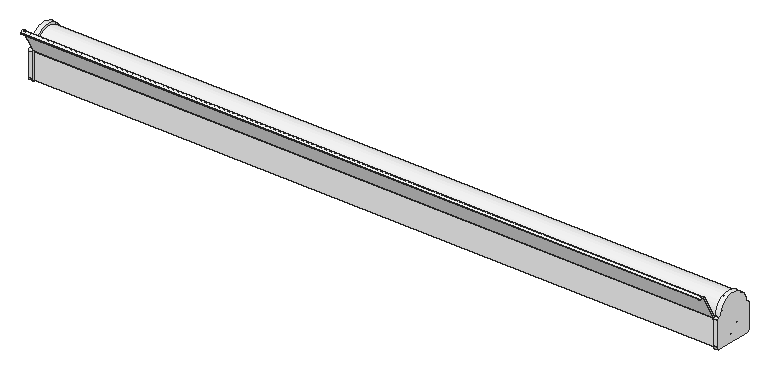
Revit family "0045184+0045234 Feilo Sylvania Lighting Fixture SYLBATTEN LED3 6000K TP3 with ASYMMETRIC REFLECTOR ACCESSORY 1200MM", category Lighting Fixtures, host Face, Revit 2017
Family settings
  Host = Face
  Round Connector Dimension = Use Diameter
  Part Type = Normal
  OmniClass Number = 23.80.70.00
  OmniClass Title = Lighting
  Cut with Voids When Loaded = No
  Light Source = Yes
  Shared = No
  Room Calculation Point = No
Parameters (values of type "0045184 SYLBATTEN LED3 6000K TP3")
  Width_FEILO = 66 mm
  Weight = "2.55 kg"
  Wattage Comments = "n/a"
  Wattage = 26 W
  WarrantyStartDate [instance] = "n/a"
  WarrantyGuarantorParts = "n/a"
  WarrantyDurationUnit = "n/a"
  WarrantyDurationParts = "n/a"
  WarrantyDescription = "n/a"
  built-in parameter 1150110 = 1 (stored number, unit not read)
  Voltage = 230 V
  URL = "http://www.sylvania-lighting.com"
  TypeName = "SYLBATTEN LED3 6000K TP3"
  Type Image = <None>
  Type Comments = "n/a"
  built-in parameter 1114217 = 1 (stored number, unit not read)
  Tilt Angle = -90.00°
  built-in parameter 1150109 = 1 (stored number, unit not read)
  built-in parameter 1150134 = 5
  SymReflector_FEILO = no
  built-in parameter 1150113 = 1 (stored number, unit not read)
  SerialNumber [instance] = "n/a"
  PowerFactor = 0
  PowerConsumption = "26 W"
  Photometric Web File = "0045184+0045234.ies"
  NominalLength = 1205 mm
  NominalHeight = 91 mm
  NominalDepth = 122 mm
  Name = "SYLBATTEN LED3 6000K TP3"
  ModelReference = Name  # "SYLBATTEN LED3 6000K TP3"
  ModelNumber = "0045184"
  Model = Name  # "SYLBATTEN LED3 6000K TP3"
  Material_4_FEILO = Reflector-Sylvania-Sylbatten-White
  Material_3_FEILO = Diffuser-Sylvania-Sylbatten-Glow
  Material_2_FEILO = Body-Sylvania-Sylbatten-White
  Material_1_FEILO = Body-Sylvania-Sylbatten-White
  Material = "sheet steel housing, polycarbonate diffuser"
  ManufacturerName = "Feilo Sylvania"
  Manufacturer = "Feilo Sylvania"
  LuminousEfficacy = "113 lm/W"
  built-in parameter 1150105 = 233.8 (stored number, unit not read)
  Lumens = 2938 lm
  LuminaireType = ""
  built-in parameter 1150115 = 1 (stored number, unit not read)
  LightOutputRatio = "100"
  built-in parameter 1150137 = (empty or 0)
  built-in parameter 1150139 = (empty or 0)
  Length_FEILO = 1205 mm
  LampsType = Lamp  # "LED"
  LampNominalLuminous = "2938 lm"
  LampMacAdamStep = "n/a"
  LampColourTemperature = "6000 K"
  LampColourRenderingIndex = "80"
  built-in parameter 1150112 = 1 (stored number, unit not read)
  built-in parameter 1150114 = 1 (stored number, unit not read)
  Lamp = "LED"
  Keynote = "16500"
  InstallationDate [instance] = "n/a"
  InputVoltage = "220-240V~"
  InputNominalFrequency = "n/a"
  built-in parameter 1150132 = (empty or 0)
  built-in parameter 1150102 = (empty or 0)
  built-in parameter 1150107 = 6000 (stored number, unit not read)
  built-in parameter 1150138 = (empty or 0)
  IngressProtection = "IP20"
  ImpactProtectionIndex = "IK07"
  built-in parameter 1150106 = 2.338 (stored number, unit not read)
  IfcExportType = "IfcLightFixtureType"
  IfcExportAs = "IfcLightFixtureType"
  Height_FEILO = 76 mm
  ExpectedLife = 50000
  Emit from Rectangle Width = Length_FEILO - 16 mm  # 1189 mm
  Emit from Rectangle Length = Width_FEILO - 40 mm  # 26 mm
  Emit Shape Visible in Rendering = no
  ElectricShockClassification = "Class I"
  built-in parameter 1150104 = 10.498 (stored number, unit not read)
  DurationUnit = "hours"
  DocumentationLiterature = "http://www.sylvania-lighting.com/product/en-int/products/0045184"
  DimmingControlOptions = "n/a"
  Dimming Lamp Color Temperature Shift = <None>
  Description = "LED batten, T8 replacement, ease of installation through 2 part push-in design of the housing (safety cable included), through wiring capability (TP3 = 3 core), sheet steel, 2938LM, 26W, 113lm/W, 6000K, drive current: 350mA, CRI 80, 138° wide beam angle, electronic driver (non dimmable), IP20, IK07, 50,000 hrs (L70), (LxWxH) 1205x66x76mm, 5 step MacAdam ellipse, 3kg, white RAL 9016, Class 1, 220-240V, energy class: A++, A+, A."
  Default Elevation = 1219.2 mm
  CreatedOn = "1/25/2018"
  CreatedBy = ""
  Cost = 0
  Color Filter = 16777215
  built-in parameter 1114216 [instance] = (empty or 0)
  ClassificationValue = "EF_70_80"
  ClassificationName = "Uniclass2015"
  CapOffset_FEILO = 2 mm
  BarCode [instance] = "n/a"
  built-in parameter 1114218 = 1 (stored number, unit not read)
  BackReflector_FEILO = and(not(AsymReflector_FEILO), SymReflector_FEILO)  # no
  built-in parameter 1150133 = 10 (stored number, unit not read)
  FrontReflector_FEILO = or(AsymReflector_FEILO, SymReflector_FEILO)  # yes
  AsymReflector_FEILO = yes
  AssetType = "Fixed"
  AssetIdentifier [instance] = "n/a"
  Assembly Code = "D5020200"
  Apparent Load = 26 VA
Reference planes
  plane 1 "Center (Front/Back)": y = 0
  plane 2: z = 0
  plane 3 "Center (Left/Right)": x = 0
  plane 4: x = 602.5
  plane 5: x = -602.5
  plane 6: y = 33
  plane 7: y = -33
  plane 8: z = 76
  plane 9: z = 47
  plane 10: y = -29
  plane 11: y = 29
  plane 12: z = 20
  plane 13: z = 74
  plane 14: y = -31
  plane 15: y = -27
  plane 16: y = 27
  plane 17: y = 31
  plane 18: z = 2
  plane 19: x = -594.5
  plane 20: x = 594.5
  plane 21: z = 49
  plane 22: y = 1
  plane 23: y = -1
  plane 24: z = 21
  plane 25: z = 19
  plane 26: y = -61
  plane 27: y = 61
  plane 28: y = -56
  plane 29: y = 56
  plane 30: z = 91
  plane 31: z = 88
Forms (mm)
  Extrusion 1, solid, material "Body-Sylvania-Sylbatten-White" <- "Material_2_FEILO"
    sketch origin (0, 0, 0) x (0, 1, 0) y (0, 0, 1)
      loop
        line (-31, 2) -> (31, 2) -> (31, 45)
        arc (31, 45) -> (30.414, 46.414) -> (29, 47) r 2
        line (29, 47) -> (27, 47)
        arc (27, 47) -> (0, 74) -> (-27, 47) r 27
        line (-27, 47) -> (-29, 47)
        arc (-29, 47) -> (-30.414, 46.414) -> (-31, 45) r 2
        line (-31, 45) -> (-31, 2)
    from -594.5 to 594.5
  Extrusion 2, solid, material "Body-Sylvania-Sylbatten-White" <- "Material_2_FEILO"
    sketch origin (602.5, 1524, 1219.2) x (0, 1, 0) y (0, 0, 1)
      loop
        arc (-1494, -1219.2) -> (-1491.879, -1218.321) -> (-1491, -1216.2) r 3
        line (-1491, -1216.2) -> (-1491, -1173.2)
        arc (-1491, -1173.2) -> (-1491.879, -1171.079) -> (-1494, -1170.2) r 3
        line (-1494, -1170.2) -> (-1495.069, -1170.2)
        arc (-1495.069, -1170.2) -> (-1524, -1143.2) -> (-1552.931, -1170.2) r 29
        line (-1552.931, -1170.2) -> (-1554, -1170.2)
        arc (-1554, -1170.2) -> (-1556.121, -1171.079) -> (-1557, -1173.2) r 3
        line (-1557, -1173.2) -> (-1557, -1216.2)
        arc (-1557, -1216.2) -> (-1556.121, -1218.321) -> (-1554, -1219.2) r 3
        line (-1554, -1219.2) -> (-1494, -1219.2)
      loop
        arc (-1525, -1189.25) -> (-1531.071, -1192.129) -> (-1533.95, -1198.2) r 10
        line (-1533.95, -1198.2) -> (-1532.944, -1198.2)
        arc (-1532.944, -1198.2) -> (-1530.364, -1192.836) -> (-1525, -1190.256) r 9
        line (-1525, -1190.256) -> (-1525, -1189.25)
      loop
        arc (-1523, -1190.256) -> (-1517.636, -1192.836) -> (-1515.056, -1198.2) r 9
        line (-1515.056, -1198.2) -> (-1514.05, -1198.2)
        arc (-1514.05, -1198.2) -> (-1516.929, -1192.129) -> (-1523, -1189.25) r 10
        line (-1523, -1189.25) -> (-1523, -1190.256)
      loop
        line (-1532.944, -1200.2) -> (-1533.95, -1200.2)
        arc (-1533.95, -1200.2) -> (-1531.071, -1206.271) -> (-1525, -1209.15) r 10
        line (-1525, -1209.15) -> (-1525, -1208.144)
        arc (-1525, -1208.144) -> (-1530.364, -1205.564) -> (-1532.944, -1200.2) r 9
      loop
        arc (-1515.056, -1200.2) -> (-1517.636, -1205.564) -> (-1523, -1208.144) r 9
        line (-1523, -1208.144) -> (-1523, -1209.15)
        arc (-1523, -1209.15) -> (-1516.929, -1206.271) -> (-1514.05, -1200.2) r 10
        line (-1514.05, -1200.2) -> (-1515.056, -1200.2)
    from 0 to -8
  Extrusion 3, solid, material "Body-Sylvania-Sylbatten-White" <- "Material_2_FEILO"
    sketch origin (-602.5, 1524, 1219.2) x (0, 1, 0) y (0, 0, 1)
      loop
        arc (-1495.069, -1170.2) -> (-1524, -1143.2) -> (-1552.931, -1170.2) r 29
        line (-1552.931, -1170.2) -> (-1554, -1170.2)
        arc (-1554, -1170.2) -> (-1556.121, -1171.079) -> (-1557, -1173.2) r 3
        line (-1557, -1173.2) -> (-1557, -1216.2)
        arc (-1557, -1216.2) -> (-1556.121, -1218.321) -> (-1554, -1219.2) r 3
        line (-1554, -1219.2) -> (-1494, -1219.2)
        arc (-1494, -1219.2) -> (-1491.879, -1218.321) -> (-1491, -1216.2) r 3
        line (-1491, -1216.2) -> (-1491, -1173.2)
        arc (-1491, -1173.2) -> (-1491.879, -1171.079) -> (-1494, -1170.2) r 3
        line (-1494, -1170.2) -> (-1495.069, -1170.2)
      loop
        line (-1533.95, -1198.2) -> (-1532.944, -1198.2)
        arc (-1532.944, -1198.2) -> (-1530.364, -1192.836) -> (-1525, -1190.256) r 9
        line (-1525, -1190.256) -> (-1525, -1189.25)
        arc (-1525, -1189.25) -> (-1531.071, -1192.129) -> (-1533.95, -1198.2) r 10
      loop
        line (-1523, -1189.25) -> (-1523, -1190.256)
        arc (-1523, -1190.256) -> (-1517.636, -1192.836) -> (-1515.056, -1198.2) r 9
        line (-1515.056, -1198.2) -> (-1514.05, -1198.2)
        arc (-1514.05, -1198.2) -> (-1516.929, -1192.129) -> (-1523, -1189.25) r 10
      loop
        line (-1514.05, -1200.2) -> (-1515.056, -1200.2)
        arc (-1515.056, -1200.2) -> (-1517.636, -1205.564) -> (-1523, -1208.144) r 9
        line (-1523, -1208.144) -> (-1523, -1209.15)
        arc (-1523, -1209.15) -> (-1516.929, -1206.271) -> (-1514.05, -1200.2) r 10
      loop
        line (-1525, -1209.15) -> (-1525, -1208.144)
        arc (-1525, -1208.144) -> (-1530.364, -1205.564) -> (-1532.944, -1200.2) r 9
        line (-1532.944, -1200.2) -> (-1533.95, -1200.2)
        arc (-1533.95, -1200.2) -> (-1531.071, -1206.271) -> (-1525, -1209.15) r 10
    from 0 to 8
  Extrusion 4, solid, material "Reflector-Sylvania-Sylbatten-White" <- "Material_4_FEILO", visible <- "FrontReflector_FEILO"
    sketch origin (0, 0, 0) x (0, 1, 0) y (0, 0, 1)
      loop
        line (-61.257, 88.429) -> (-60.743, 87.571) -> (-56.621, 90.044)
        arc (-56.621, 90.044) -> (-56.237, 90.099) -> (-55.929, 89.863) r 0.5
        line (-55.929, 89.863) -> (-31.435, 46.753) -> (-30.565, 47.247) -> (-55.312, 90.802)
        arc (-55.312, 90.802) -> (-55.928, 91.275) -> (-56.696, 91.165) r 1
        line (-56.696, 91.165) -> (-61.257, 88.429)
    from -594.5 to 594.5
  Extrusion 5, solid, material "Reflector-Sylvania-Sylbatten-White" <- "Material_4_FEILO", visible <- "BackReflector_FEILO"
    sketch origin (0, 0, 0) x (0, 1, 0) y (0, 0, 1)
      loop
        line (30.565, 47.247) -> (31.435, 46.753) -> (55.932, 89.868)
        arc (55.932, 89.868) -> (56.245, 90.112) -> (56.638, 90.062) r 0.518
        line (56.638, 90.062) -> (61.033, 87.565) -> (61.527, 88.435) -> (56.682, 91.188)
        arc (56.682, 91.188) -> (55.922, 91.282) -> (55.318, 90.812) r 1
        line (55.318, 90.812) -> (30.565, 47.247)
    from -594.5 to 594.5
Lines and regions (mm)
  reference lines
    curve 1: line (0, -61, 88) -> (0, -56, 91)
    curve 2: line (0, -56, 91) -> (0, -31, 47)
    curve 3: line (0, 31, 47) -> (0, 56, 91)
    curve 4: line (0, 56, 91) -> (0, 61.28, 88)
Dimensions and locks
  equal spacing: plane 5, plane 3 "Center (Left/Right)", plane 4
  equal spacing: plane 7, plane 1 "Center (Front/Back)", plane 6
  "Width_FEILO": plane 7 to plane 6
  "Length_FEILO": plane 5 to plane 4
  "Height_FEILO": plane 8 to plane 2
  locked: plane 9 to plane 8 at 29
  equal spacing: plane 10, plane 1 "Center (Front/Back)", plane 11
  locked: plane 7 to plane 10 at 4
  locked: plane 12 to plane 2 at 20
  "CapOffset_FEILO": plane 13 to plane 8
  "CapOffset_FEILO": plane 7 to plane 14
  "CapOffset_FEILO": plane 10 to plane 15
  "CapOffset_FEILO": plane 17 to plane 6
  "CapOffset_FEILO": plane 16 to plane 11
  "CapOffset_FEILO": plane 18 to plane 2
  locked: plane 14 to Extrusion 1 sketch curve at 2
  locked: Extrusion 1 sketch curve to plane 9 at 2  (x2)
  locked: plane 16 to Extrusion 1 sketch curve at 2
  equal spacing: plane 19, plane 3 "Center (Left/Right)", plane 20
  locked: plane 5 to plane 19 at 8
  "CapOffset_FEILO": plane 9 to plane 21
  locked: Extrusion 2 sketch curve to plane 2 at 47
  locked: Extrusion 1 sketch curve to plane 2 at 47
  locked: Extrusion 2 sketch curve to plane 2 at 3  (x2)
  locked: plane 7 to Extrusion 2 sketch curve at 3  (x2)
  locked: Extrusion 2 sketch curve to plane 6 at 3  (x2)
  locked: Extrusion 2 sketch curve to plane 21 at 3  (x2)
  equal spacing: plane 23, plane 1 "Center (Front/Back)", plane 22
  equal spacing: plane 25, plane 12, plane 24
  plane 30 to plane 31 to plane 2 = 3 mm locked, 88 mm locked
  plane 28 to plane 29 = 112 mm
  plane 26 to plane 27 = 122 mm
  aligned and locked: plane 2 to host face
  aligned and locked: level to host face
  aligned and locked: plane 18 to Extrusion 1 sketch curve
  aligned and locked: plane 14 to Extrusion 1 sketch curve
  aligned and locked: Extrusion 1 sketch curve to plane 9  (x2)
  aligned and locked: Extrusion 1 sketch curve to plane 17
  aligned and locked: plane 15 to Extrusion 1 sketch curve
  aligned and locked: plane 16 to Extrusion 1 sketch curve
  aligned and locked: plane 9 to Extrusion 1 sketch curve
  aligned and locked: plane 20 to Extrusion 1
  aligned and locked: level to Extrusion 2 sketch curve
  aligned and locked: Extrusion 2 sketch curve to plane 7
  aligned and locked: plane 21 to Extrusion 2 sketch curve
  aligned and locked: Extrusion 2 sketch curve to plane 21
  aligned and locked: plane 1 "Center (Front/Back)" to Extrusion 2 sketch curve  (x3)
  aligned and locked: Extrusion 2 to Extrusion 1
  aligned and locked: plane 4 to Extrusion 2
  aligned and locked: plane 12 to Extrusion 2 sketch curve  (x2)
  aligned and locked: Extrusion 2 sketch curve to plane 22
  aligned and locked: Extrusion 2 sketch curve to plane 23
  aligned and locked: Extrusion 2 sketch curve to plane 24
  aligned and locked: Extrusion 2 sketch curve to plane 25
  aligned and locked: plane 25 to Extrusion 2 sketch curve
  aligned and locked: plane 22 to Extrusion 2 sketch curve
  aligned and locked: plane 24 to Extrusion 2 sketch curve
  aligned and locked: plane 23 to Extrusion 2 sketch curve  (x2)
  aligned and locked: Extrusion 3 sketch curve to Extrusion 2  (x22)
  aligned and locked: Extrusion 3 to Extrusion 1
  aligned and locked: Extrusion 3 to plane 5
  aligned and locked: plane 19 to Extrusion 3
  aligned and locked: plane 31 to curve 1
  aligned and locked: plane 30 to curve 1
  aligned and locked: plane 14 to curve 2
  aligned and locked: plane 9 to curve 2
  aligned and locked: plane 17 to curve 3
  aligned and locked: plane 30 to curve 3
  aligned and locked: plane 31 to curve 4
  aligned and locked: Extrusion 4 sketch curve to curve 2
  aligned and locked: Extrusion 4 sketch curve to curve 1
  aligned and locked: Extrusion 4 to Extrusion 1
  aligned and locked: Extrusion 1 to Extrusion 4
  aligned and locked: imposter light to plane 1 "Center (Front/Back)"
  aligned and locked: imposter light to plane 3 "Center (Left/Right)"
  aligned and locked: imposter light to plane 13
  aligned and locked: Extrusion 5 sketch curve to curve 4
  aligned and locked: Extrusion 5 sketch curve to curve 3
  aligned and locked: Extrusion 1 to Extrusion 5
  aligned and locked: Extrusion 5 to Extrusion 1
Automatic sketch dimensions
  host sketch curve to host sketch curve = 2438.4 mm  (x2)
  Extrusion 2 sketch curve to Extrusion 2 sketch curve = 0 mm  (x14)
  Extrusion 2 sketch curve to plane 10 = 0.069 mm
  plane 23 to Extrusion 2 sketch curve = 8.95 mm
  Extrusion 2 sketch curve to Extrusion 2 sketch curve = 1.006 mm  (x4)
  Extrusion 2 sketch curve to plane 22 = 7.944 mm
  curve 1 to plane 26 = 0 mm
  curve 2 to plane 28 = 0 mm
  curve 4 to plane 29 = 0 mm
  plane 9 to curve 3 = 0 mm
  plane 26 to Extrusion 4 sketch curve = 0.257 mm
  Extrusion 4 sketch curve to plane 26 = 0.257 mm
  Extrusion 4 sketch curve to plane 30 = 0.165 mm
  plane 28 to Extrusion 4 sketch curve = 0.696 mm
  plane 28 to Extrusion 4 sketch curve = 0.621 mm
  plane 28 to Extrusion 4 sketch curve = 0.364 mm
  plane 28 to Extrusion 4 sketch curve = 0.182 mm
  Extrusion 4 sketch curve to plane 28 = 0.071 mm
  plane 30 to Extrusion 4 sketch curve = 0.198 mm
  Extrusion 4 sketch curve to plane 28 = 0.688 mm
  plane 9 to Extrusion 4 sketch curve = 0.247 mm
  plane 1 "Center (Front/Back)" to Extrusion 4 sketch curve = 31.435 mm
  Extrusion 5 sketch curve to plane 9 = 0.247 mm
  Extrusion 5 sketch curve to plane 1 "Center (Front/Back)" = 30.565 mm
  plane 9 to Extrusion 5 sketch curve = 0.247 mm
  plane 30 to Extrusion 5 sketch curve = 0.188 mm
  plane 29 to Extrusion 5 sketch curve = 0.068 mm
  Extrusion 5 sketch curve to plane 29 = 0.188 mm
  Extrusion 5 sketch curve to plane 29 = 0.382 mm
  Extrusion 5 sketch curve to Extrusion 5 sketch curve = 0.256 mm
  Extrusion 5 sketch curve to plane 30 = 0.188 mm
  Extrusion 5 sketch curve to plane 29 = 0.682 mm
  Extrusion 5 sketch curve to plane 27 = 0.033 mm
  Extrusion 5 sketch curve to plane 27 = 0.527 mm
Connectors
  electrical at (0, 0, 0), driven by "Apparent Load", driven by "PowerFactor", driven by "Voltage"
    settings: index 1, voltage 230 V, apparent load 26 VA, apparent load phase1 0 VA, apparent load phase2 0 VA, apparent load phase3 0 VA, power factor 0, load classification "Lighting", number of poles 1, system type 30, power factor state 1, is connector primary yes, connector utility no, sub classification motor no, connector description ""
